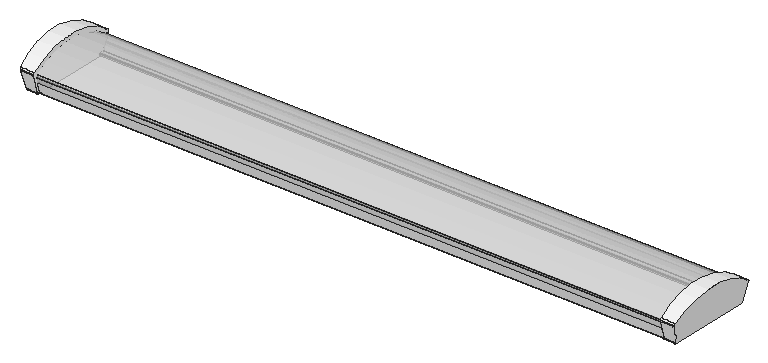
Revit family "0042930", category Lighting Fixtures, host Face, Revit 2023
Family settings
  Host = Face
  Round Connector Dimension = Use Diameter
  Part Type = Normal
  OmniClass Number = 23.80.70.00
  OmniClass Title = Lighting
  Cut with Voids When Loaded = No
  Light Source = Yes
  Maintain Annotation Orientation = No
  Shared = No
  Room Calculation Point = No
Parameters (values of type "DELTAWING 1200 4K")
  Weight = "1.965 kg"
  Wattage Comments = ""
  Wattage = 35 W
  WarrantyStartDate [instance] = "n/a"
  WarrantyGuarantorParts = "n/a"
  WarrantyDurationUnit = "Years"
  WarrantyDurationParts = "5"
  WarrantyDescription = "http://www.sylvania-group.com"
  built-in parameter 1150110 = 1 (stored number, unit not read)
  Voltage = 230 V
  URL = "http://www.sylvania-group.com"
  TypeName = "Deltawing G2 1200"
  Type Image = <None>
  Type IFC Predefined Type = "IfcLightFixtureType"
  Type Comments = "n/a"
  built-in parameter 1114217 = 1 (stored number, unit not read)
  Tilt Angle = -90.00°
  built-in parameter 1150109 = 1 (stored number, unit not read)
  built-in parameter 1150134 = 12
  built-in parameter 1150113 = 1 (stored number, unit not read)
  SerialNumber [instance] = "n/a"
  Photometric Web File = "0042930.IES"
  Material_3_SYL = Polycarbonate_Opal_4000K
  PowerFactor = 0.9
  PowerConsumption = "35 W"
  NominalLength = 1160 mm
  NominalHeight = 60 mm  # constant formula
  NominalDepth = 160 mm  # constant formula
  Name = "DELTAWING 1200 4K"
  ModelReference = Name  # "DELTAWING 1200 4K"
  ModelNumber = "0042930"
  Model = Name  # "DELTAWING 1200 4K"
  Material = "PC Polycarbonate, Steel"
  ManufacturerName = Manufacturer  # "Feilo Sylvania"
  Manufacturer = "Feilo Sylvania"
  LuminousEfficacy = "131 lm/W"
  built-in parameter 1150105 = 1479.8 (stored number, unit not read)
  Lumens = 4585 lm
  LuminaireType = "Ceiling surface mounting,Wall surface mounted"
  built-in parameter 1150115 = 1 (stored number, unit not read)
  LightOutputRatio = ""
  built-in parameter 1150137 = (empty or 0)
  built-in parameter 1150139 = (empty or 0)
  LampsType = Lamp  # "LED"
  LampNominalLuminous = "4600 lm"
  LampMacAdamStep = "3"
  LampColourTemperature = "4000 K"
  LampColourRenderingIndex = "80"
  built-in parameter 1150112 = 1 (stored number, unit not read)
  built-in parameter 1150114 = 1 (stored number, unit not read)
  Lamp = "LED"
  Keynote = "16500"
  InstallationDate [instance] = "n/a"
  InputVoltage = "220-240 V"
  InputNominalFrequency = "50/60Hz"
  built-in parameter 1150132 = (empty or 0)
  built-in parameter 1150102 = (empty or 0)
  built-in parameter 1150107 = 4000 (stored number, unit not read)
  built-in parameter 1150138 = (empty or 0)
  IngressProtection = "IP44"
  ImpactProtectionIndex = "IK06"
  built-in parameter 1150106 = 14.798 (stored number, unit not read)
  IfcExportType = "IfcLightFixtureType"
  IfcExportAs = "IfcLightFixtureType"
  Export Type to IFC As = "IfcLightFixtureType"
  Emit from Rectangle Width = NominalDepth - 10 mm  # 150 mm
  Emit from Rectangle Length = NominalLength - (2 mm * 29)  # 1102 mm
  Emit Shape Visible in Rendering = no
  EmergencyLight = no
  ElectricShockClassification = "Class I"
  built-in parameter 1150104 = 12.17 (stored number, unit not read)
  DocumentationLiterature = "https://www.sylvania-lighting.com/product/en-int/products/item code/0042930"
  DimmingControlOptions = "N/A"
  Material_2_SYL = Polycarbonate_RAL9003_White
  Dimming Lamp Color Temperature Shift = <None>
  Description = "DELTAWING 1200 4K is a ceiling and wall surface, suspended LED luminaire with opal diffuser, 1160x160x60mm dimensions, 35W system power, 4,600lm flux and 131lm/W efficacy, CRi (Ra) >80, 4000K (Neutral White) CCT, chromaticity tolerance of 3-step MacAdam ellipse, non-dimmable (4-steps DIP switch) driver (20W 2700lm, 25W 3350lm, 30W 4000lm, 35W 4600lm), RAL9003 finishing, L70B50 100khrs / L80B50 80khrs lifespan, IK06 impact resistance, IP44 ingress protection rating (in ceiling surface installation), Electrial protection Class I, Glow wire test 850°C."
  Default Elevation = 1219.2 mm
  CreatedOn = "25/09/2024"
  CreatedBy = "petra.pavlicz@sylvania-lighting.com"
  Cost = 0
  Color Filter = 16777215
  built-in parameter 1114216 [instance] = (empty or 0)
  ClassificationValue = "EF_70_80"
  ClassificationName = "Uniclass2015"
  Material_1_SYL = Steel_RAL9003_White
  BarCode [instance] = "n/a"
  built-in parameter 1114218 = 1 (stored number, unit not read)
  built-in parameter 1150133 = 10 (stored number, unit not read)
  AssetType = "Fixed"
  AssetIdentifier [instance] = "n/a"
  Assembly Code = "D5020200"
  Material_4_SYL = none
  Apparent Load = 38.9 VA
Reference planes
  plane 1 "Center (Front/Back)": y = 0
  plane 2 "Bottom": z = 0
  plane 3 "Center (Left/Right)": x = 0
  plane 4 "Back": y = 80
  plane 5 "Front": y = -80
  plane 6 "Left": x = -580
  plane 7 "Right": x = 580
  plane 8: x = 264.5
  plane 9 "Cap left": x = -551
  plane 10 "Cap right": x = 551
  plane 11 "Body top": z = 22
  plane 12 "Top": z = 60
Forms (mm)
  Extrusion 1, solid, material "Polycarbonate_RAL9003_White" <- "Material_2_SYL"
    sketch origin (0, 0, 0) x (0, 1, 0) y (0, 0, 1)
      loop
        arc (78.9, 36.72) -> (0, 62.912) -> (-78.9, 36.72) r 131.933
        arc (-78.9, 36.72) -> (-80.262, 35.303) -> (-81.093, 33.522) r 6.006
        arc (-81.093, 33.522) -> (-81.203, 32.715) -> (-81.093, 31.909) r 2.998
        line (-81.093, 31.909) -> (-72.433, 0.732)
        arc (-72.433, 0.732) -> (-72.074, 0.204) -> (-71.469, 0) r 1
        line (-71.469, 0) -> (71.469, 0)
        arc (71.469, 0) -> (72.074, 0.204) -> (72.433, 0.732) r 1
        line (72.433, 0.732) -> (81.093, 31.909)
        arc (81.093, 31.909) -> (81.203, 32.715) -> (81.093, 33.522) r 2.998
        arc (81.093, 33.522) -> (80.262, 35.303) -> (78.9, 36.72) r 6.006
    from 551 to 580
  Extrusion 2, solid, material "Polycarbonate_RAL9003_White" <- "Material_2_SYL"
    sketch origin (0, 0, 0) x (0, 1, 0) y (0, 0, -1)
      loop
        arc (78.9, -36.72) -> (80.262, -35.303) -> (81.093, -33.522) r 6.006
        arc (81.093, -33.522) -> (81.203, -32.715) -> (81.093, -31.909) r 2.998
        line (81.093, -31.909) -> (72.433, -0.732)
        arc (72.433, -0.732) -> (72.074, -0.204) -> (71.469, 0) r 1
        line (71.469, 0) -> (-71.469, 0)
        arc (-71.469, 0) -> (-72.074, -0.204) -> (-72.433, -0.732) r 1
        line (-72.433, -0.732) -> (-81.093, -31.909)
        arc (-81.093, -31.909) -> (-81.203, -32.715) -> (-81.093, -33.522) r 2.998
        arc (-81.093, -33.522) -> (-80.262, -35.303) -> (-78.9, -36.72) r 6.006
        arc (-78.9, -36.72) -> (0, -62.912) -> (78.9, -36.72) r 131.933
    from 551 to 580
  Extrusion 3, solid, material "Polycarbonate_Opal_4000K" <- "Material_3_SYL"
    sketch origin (0, 0, 0) x (0, 1, 0) y (0, 0, 1)
      loop
        arc (-76.224, 31.506) -> (-77.363, 29.839) -> (-77.21, 27.825) r 3.048
        line (-77.21, 27.825) -> (-69.466, 0.817) -> (-61.986, 0.817) -> (-60.994, 4.521) -> (-60.994, 6) -> (-69.591, 6) -> (-75.893, 28.687)
        arc (-75.893, 28.687) -> (-75.707, 29.707) -> (-75.049, 30.508) r 2.061
        arc (-75.049, 30.508) -> (0, 54.886) -> (75.049, 30.508) r 127.709
        arc (75.049, 30.508) -> (75.707, 29.707) -> (75.893, 28.687) r 2.061
        line (75.893, 28.687) -> (69.591, 6) -> (60.994, 6) -> (60.994, 4.521) -> (61.986, 0.817) -> (69.466, 0.817) -> (77.21, 27.825)
        arc (77.21, 27.825) -> (77.363, 29.839) -> (76.224, 31.506) r 3.048
        arc (76.224, 31.506) -> (0, 56.5) -> (-76.224, 31.506) r 128.727
    from -551 to 551
  Extrusion 4, solid, material "Steel_RAL9003_White" <- "Material_1_SYL"
    sketch origin (0, 0, 0) x (0, 1, 0) y (0, 0, 1)
      loop
        line (-75.289, 17.92) -> (-70.492, 0.652)
        arc (-70.492, 0.652) -> (-70.134, 0.124) -> (-69.529, -0.08) r 1
        line (-69.529, -0.08) -> (69.529, -0.08)
        arc (69.529, -0.08) -> (70.134, 0.124) -> (70.492, 0.652) r 1
        line (70.492, 0.652) -> (75.289, 17.92) -> (74.518, 18.134) -> (69.762, 1.013)
        arc (69.762, 1.013) -> (69.511, 0.643) -> (69.088, 0.5) r 0.7
        line (69.088, 0.5) -> (-69.088, 0.5)
        arc (-69.088, 0.5) -> (-69.511, 0.643) -> (-69.762, 1.013) r 0.7
        line (-69.762, 1.013) -> (-74.518, 18.134) -> (-75.289, 17.92)
    from -551 to 551
  Extrusion 5, void
    sketch origin (0, 0, 0) x (1, 0, 0) y (0, 0, 1)
      loop
        line (-579.874, 62.115) -> (-585.036, 62.115) -> (-585.036, 0) -> (-570.036, 0) -> (-579.874, 62.115)
    from -107.497 to 104.736
  Extrusion 6, void
    sketch origin (0, 0, 0) x (-1, 0, 0) y (0, 0, -1)
      loop
        line (-579.874, -62.115) -> (-570.036, 0) -> (-585.036, 0) -> (-585.036, -62.115) -> (-579.874, -62.115)
    from -107.497 to 104.736
Cuts and joins
  Extrusion 5, Extrusion 6 cuts Extrusion 2
  Extrusion 6 cuts Extrusion 1
Dimensions and locks
  "NominalDepth": plane 4 "Back" to plane 5 "Front"
  equal spacing: plane 4 "Back", plane 1 "Center (Front/Back)", plane 5 "Front"
  "NominalLength": plane 6 "Left" to plane 7 "Right"
  equal spacing: plane 6 "Left", plane 3 "Center (Left/Right)", plane 7 "Right"
  "NominalHeight": plane 12 "Top" to plane 2 "Bottom"
  locked: plane 6 "Left" to plane 9 "Cap left" at 29
  locked: plane 10 "Cap right" to plane 7 "Right" at 29
  aligned and locked: plane 2 "Bottom" to host face
  aligned and locked: level to host face
  aligned and locked: plane 7 "Right" to Extrusion 1
  aligned and locked: Extrusion 1 to plane 10 "Cap right"
  aligned and locked: Extrusion 2 to plane 6 "Left"
  aligned and locked: plane 9 "Cap left" to Extrusion 2
  aligned and locked: plane 10 "Cap right" to Extrusion 3
  aligned and locked: Extrusion 3 to plane 9 "Cap left"
  aligned and locked: Extrusion 4 to plane 9 "Cap left"
  aligned and locked: plane 10 "Cap right" to Extrusion 4
  aligned and locked: plane 11 "Body top" to imposter light
Automatic sketch dimensions
  host sketch curve to host sketch curve = 2438.4 mm  (x2)
  Extrusion 1 sketch curve to level = 0 mm
  Extrusion 1 sketch curve to plane 1 "Center (Front/Back)" = 0 mm
  level to Extrusion 1 sketch curve = 1 mm
  plane 5 "Front" to Extrusion 1 sketch curve = 8.531 mm
  level to Extrusion 1 sketch curve = 0.732 mm  (x2)
  plane 5 "Front" to Extrusion 1 sketch curve = 4.692 mm
  plane 5 "Front" to Extrusion 1 sketch curve = 1.795 mm
  Extrusion 1 sketch curve to plane 4 "Back" = 8.531 mm
  Extrusion 1 sketch curve to Extrusion 1 sketch curve = 0.963 mm
  Extrusion 1 sketch curve to plane 4 "Back" = 4.692 mm
  Extrusion 1 sketch curve to plane 4 "Back" = 1.795 mm
  plane 4 "Back" to Extrusion 1 sketch curve = 1.093 mm
  Extrusion 1 sketch curve to level = 69.021 mm
  plane 11 "Body top" to Extrusion 1 sketch curve = 9.906 mm  (x2)
  Extrusion 1 sketch curve to Extrusion 1 sketch curve = 0.002 mm
  Extrusion 1 sketch curve to Extrusion 1 sketch curve = 0.807 mm
  Extrusion 1 sketch curve to Extrusion 1 sketch curve = 0.809 mm
  plane 5 "Front" to Extrusion 1 sketch curve = 1.1 mm
  Extrusion 1 sketch curve to Extrusion 1 sketch curve = 0 mm  (x3)
  Extrusion 1 sketch curve to plane 5 "Front" = 1.093 mm
  Extrusion 1 sketch curve to Extrusion 1 sketch curve = 0.001 mm
  Extrusion 1 sketch curve to Extrusion 1 sketch curve = 0.003 mm
  level to Extrusion 2 sketch curve = 0 mm
  Extrusion 2 sketch curve to plane 1 "Center (Front/Back)" = 0 mm
  level to Extrusion 2 sketch curve = 1 mm
  plane 5 "Front" to Extrusion 2 sketch curve = 8.531 mm
  level to Extrusion 2 sketch curve = 0.732 mm  (x2)
  plane 5 "Front" to Extrusion 2 sketch curve = 4.692 mm
  plane 5 "Front" to Extrusion 2 sketch curve = 1.795 mm
  Extrusion 2 sketch curve to plane 4 "Back" = 8.531 mm
  Extrusion 2 sketch curve to Extrusion 2 sketch curve = 0.963 mm
  Extrusion 2 sketch curve to plane 4 "Back" = 4.692 mm
  Extrusion 2 sketch curve to plane 4 "Back" = 1.795 mm
  plane 4 "Back" to Extrusion 2 sketch curve = 1.093 mm
  plane 11 "Body top" to Extrusion 2 sketch curve = 9.906 mm  (x2)
  Extrusion 2 sketch curve to Extrusion 2 sketch curve = 0.002 mm
  Extrusion 2 sketch curve to Extrusion 2 sketch curve = 0.807 mm
  Extrusion 2 sketch curve to Extrusion 2 sketch curve = 0.809 mm
  Extrusion 2 sketch curve to level = 69.021 mm
  plane 5 "Front" to Extrusion 2 sketch curve = 1.1 mm
  Extrusion 2 sketch curve to Extrusion 2 sketch curve = 0 mm  (x3)
  Extrusion 2 sketch curve to plane 5 "Front" = 1.093 mm
  Extrusion 2 sketch curve to Extrusion 2 sketch curve = 0.001 mm
  Extrusion 2 sketch curve to Extrusion 2 sketch curve = 0.003 mm
  Extrusion 3 sketch curve to plane 1 "Center (Front/Back)" = 0 mm  (x2)
  level to Extrusion 3 sketch curve = 4.521 mm  (x2)
  plane 5 "Front" to Extrusion 3 sketch curve = 19.006 mm
  level to Extrusion 3 sketch curve = 0.817 mm  (x2)
  Extrusion 3 sketch curve to Extrusion 3 sketch curve = 0.993 mm  (x2)
  Extrusion 3 sketch curve to Extrusion 3 sketch curve = 7.479 mm  (x2)
  Extrusion 3 sketch curve to Extrusion 3 sketch curve = 0.125 mm  (x2)
  plane 5 "Front" to Extrusion 3 sketch curve = 6.163 mm
  Extrusion 3 sketch curve to Extrusion 3 sketch curve = 0.582 mm  (x2)
  Extrusion 3 sketch curve to Extrusion 3 sketch curve = 1.474 mm  (x2)
  Extrusion 3 sketch curve to Extrusion 3 sketch curve = 1.317 mm  (x2)
  Extrusion 3 sketch curve to plane 4 "Back" = 19.006 mm
  Extrusion 3 sketch curve to plane 4 "Back" = 6.163 mm
  Extrusion 3 sketch curve to level = 72.227 mm
  Extrusion 3 sketch curve to Extrusion 3 sketch curve = 0.596 mm
  Extrusion 3 sketch curve to Extrusion 3 sketch curve = 5.183 mm
  Extrusion 3 sketch curve to Extrusion 3 sketch curve = 1.479 mm
  plane 11 "Body top" to Extrusion 3 sketch curve = 5.825 mm  (x2)
  Extrusion 3 sketch curve to Extrusion 3 sketch curve = 0.862 mm  (x2)
  Extrusion 3 sketch curve to Extrusion 3 sketch curve = 0.153 mm  (x2)
  Extrusion 3 sketch curve to Extrusion 3 sketch curve = 0.21 mm  (x2)
  Extrusion 3 sketch curve to Extrusion 3 sketch curve = 0 mm  (x2)
  plane 5 "Front" to Extrusion 4 sketch curve = 4.711 mm
  Extrusion 4 sketch curve to Extrusion 4 sketch curve = 0.771 mm
  level to Extrusion 4 sketch curve = 0.652 mm  (x2)
  plane 5 "Front" to Extrusion 4 sketch curve = 9.508 mm
  level to Extrusion 4 sketch curve = 1.013 mm  (x2)
  Extrusion 4 sketch curve to Extrusion 4 sketch curve = 0.73 mm  (x2)
  Extrusion 4 sketch curve to Extrusion 4 sketch curve = 0.233 mm  (x2)
  level to Extrusion 4 sketch curve = 0.5 mm
  Extrusion 4 sketch curve to Extrusion 4 sketch curve = 0.441 mm  (x2)
  Extrusion 4 sketch curve to plane 4 "Back" = 10.912 mm
  Extrusion 4 sketch curve to plane 4 "Back" = 5.482 mm
  Extrusion 4 sketch curve to plane 11 "Body top" = 4.08 mm
  Extrusion 4 sketch curve to level = 0.08 mm
  Extrusion 5 sketch curve to level = 0 mm
  Extrusion 5 sketch curve to plane 6 "Left" = 5.036 mm
  plane 6 "Left" to Extrusion 5 sketch curve = 0.126 mm
  plane 6 "Left" to Extrusion 5 sketch curve = 9.964 mm
  plane 12 "Top" to Extrusion 5 sketch curve = 2.115 mm
  Extrusion 6 sketch curve to level = 0 mm
  plane 7 "Right" to Extrusion 6 sketch curve = 5.036 mm
  Extrusion 6 sketch curve to plane 7 "Right" = 0.126 mm
  Extrusion 6 sketch curve to plane 7 "Right" = 9.964 mm
  plane 12 "Top" to Extrusion 6 sketch curve = 2.115 mm
Connectors
  electrical at (0, 0, 0), driven by "Apparent Load", driven by "PowerFactor", driven by "Voltage"
    settings: index 1, voltage 230 V, apparent load 38.9 VA, apparent load phase1 0 VA, apparent load phase2 0 VA, apparent load phase3 0 VA, power factor 0.9, load classification "Lighting", number of poles 1, system type 30, power factor state 1, is connector primary yes, connector utility no, sub classification motor no, connector description ""
